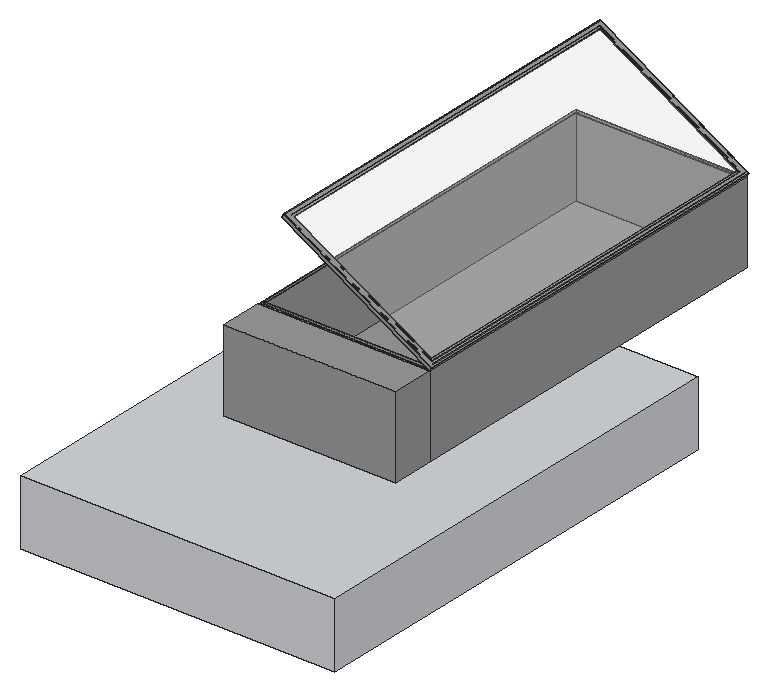
Revit family "Hager-Univers-IP55-D400-H2050-Cl.II-Steel_encl-NL-en", category Equipement électrique, Revit 2020
Family settings
  Hôte = Face
  Configuration du panneau = Deux colonnes, circuits au sein
  Cote de connecteur circulaire = Utiliser le diamètre
  Type d'élément = Tableau de raccordement
  Couper avec des vides une fois chargée = Non
  Partagée = Non
  Point de calcul de pièce = Non
Parameters (values of type "Floor installation IP55 W800 H2050 D400  - FR23U2")
  Width Control [instance] = if([EF000008 - Width] > Min Width, [EF000008 - Width], Min Width)  # 800 mm
  Commentaires du type = [HG000003 - Range]  # "Univers"
  Thickness Door [instance] = if([EF009171 - Material plate thickness door/cover] > 3 mm, 3 mm, [EF009171 - Material plate thickness door/cover])  # 1.5 mm
  Seal Frame Offset [instance] = 17 mm  # constant formula
  Plinth Visibility [instance] = [HG000027 - Plinth height] > 0 mm  # yes
  Model = ""
  Min Width [instance] = 100 mm  # constant formula
  Min Height [instance] = 100 mm  # constant formula
  Min Depth [instance] = (2 * [EF009170 - Material plate thickness cabinet]) + 1 mm  # 4 mm
  Internal Frame Depth [instance] = (Door System Depth * 0.5)  # 9 mm
  Height Control [instance] = if([EF000040 - Height] > Min Height, [EF000040 - Height], Min Height)  # 2050 mm
  HG000027 - Plinth height = 200 mm
  HG000026 - Floor standing = yes
  HG000024 - Bottom section height = 800 mm
  HG000023 - Double section enclosure = no
  HG000016 - Door 3d visibility [instance] = yes
  HG000015 - Clearance visibility [instance] = no
  HG000014 - Door on the right [instance] = yes
  HG000013 - Door on the left [instance] = not([HG000014 - Door on the right])  # no
  HG000012 - Door swing angle [instance] = 30.00°
  HG000010 - Asymmetric doors = no
  HG000009 - Double swing door = no
  HG000006 - Flush mounted = no
  HG000004 - Manufacturer reference = "FR23U2"
  HG000003 - Range = "Univers"
  HG000002 - With door or cover = yes
  Frame Offset Bottom [instance] = 10 mm  # constant formula
  Frame Offset [instance] = 15 mm  # constant formula
  EF015940 - Cover with overpressure release = no
  EF011959 - Degree of protection (NEMA) = ""
  EF009554 - Number of openings for flange plates = 6
  EF009212 - Cover model = "EV000116 - Closed"
  EF009171 - Material plate thickness door/cover = 1.5 mm
  EF009170 - Material plate thickness cabinet = 1.5 mm
  Fabricant = "Hager"  # constant formula
  EF008873 - Nominal current (In) = 800 A
  EF007800 - Suitable for lightning protection = no
  EF006306 - With lock = no
  EF006244 - Transparent cover/door = yes
  EF005474 - Degree of protection (IP) = "EV006420 - IP55"
  EF004464 - Type of door = "EV002646 - Single"
  EF004427 - Number of modules = 432
  EF004293 - Impact strength = "EV008784 - IK10"
  EF003532 - Suitable for outdoor use = no
  EF002950 - Width in number of modular spacings = 24
  EF001613 - Circuit integrity = "EV000494 - None"
  EF001596 - Material housing = "EV000179 - Steel"
  EF001131 - Internal depth = 400 mm
  EF001088 - Extension possible = yes
  EF000437 - Number of conduit inlets = 6
  EF000339 - Type of cover = "EV004216 - Door"
  EF000266 - Number of rows = 12
  EF000218 - Built-in depth = 0 mm
  EF000118 - With mounting plate = no
  EF000116 - RAL-number = "7035"
  EF000049 - Depth = 400 mm
  EF000040 - Height = 2050 mm
  EF000008 - Width = 800 mm
  EF000007 - Colour = "EV000270 - Grey"
  EF000003 - Mounting method = "EV012274 - Floor installation"
  Door System Leaf Tolerance [instance] = 1.5 mm  # constant formula
  Door System Depth [instance] = 18 mm  # constant formula
  Door Height [instance] = Height Control - [HG000027 - Plinth height]  # 1850 mm
  Depth Control [instance] = if([EF000049 - Depth] > Min Depth, [EF000049 - Depth], Min Depth)  # 400 mm
  Default Elevation = 0 mm
  Connector Offset [instance] = Height Control / 2  # 1025 mm
  Bottom Top Plate Trim [instance] = 1.5 mm  # constant formula
  Plinth height Ctrl [instance] = if([HG000027 - Plinth height] > 0 mm, [HG000027 - Plinth height], 12 mm)  # 200 mm
Types (11, lengths in mm): name | Width Control | HG000010 - Asymmetric doors | HG000009 - Double swing door | HG000004 - Manufacturer reference | EF009554 - Number of openings for flange plates | EF006244 - Transparent cover/door | EF004464 - Type of door | EF004427 - Number of modules | EF000437 - Number of conduit inlets | EF000008 - Width
  Floor installation IP55 W1050 H2050 D400  - FR24H2 | 1050 | yes | yes | "FR24H2" | 8 | no | "EV003602 - Double" | 576 | 8 | 1050
  Floor installation IP55 W1050 H2050 D400  - FR24U2 | 1050 | yes | yes | "FR24U2" | 8 | yes | "EV003602 - Double" | 576 | 8 | 1050
  Floor installation IP55 W1300 H2050 D400  - FR25H2 | 1300 | yes | yes | "FR25H2" | 10 | no | "EV003602 - Double" | 720 | 10 | 1300
  Floor installation IP55 W1300 H2050 D400  - FR25U2 | 1300 | yes | yes | "FR25U2" | 10 | yes | "EV003602 - Double" | 720 | 10 | 1300
  Floor installation IP55 W1550 H2050 D400  - FR26H2 | 1550 | yes | yes | "FR26H2" | 12 | no | "EV003602 - Double" | 864 | 12 | 1550
  Floor installation IP55 W1550 H2050 D400  - FR26U2 | 1550 | yes | yes | "FR26U2" | 12 | yes | "EV003602 - Double" | 864 | 12 | 1550
  Floor installation IP55 W300 H2050 D400  - FR21H2 | 300 | no | no | "FR21H2" | 2 | no | "EV002646 - Single" | 144 | 2 | 300
  Floor installation IP55 W550 H2050 D400  - FR22H2 | 550 | no | no | "FR22H2" | 4 | no | "EV002646 - Single" | 288 | 4 | 550
  Floor installation IP55 W550 H2050 D400  - FR22U2 | 550 | no | no | "FR22U2" | 4 | yes | "EV002646 - Single" | 288 | 4 | 550
  Floor installation IP55 W800 H2050 D400  - FR23H2 | 800 | no | no | "FR23H2" | 6 | no | "EV002646 - Single" | 432 | 6 | 800
  Floor installation IP55 W800 H2050 D400  - FR23U2 | 800 | no | no | "FR23U2" | 6 | yes | "EV002646 - Single" | 432 | 6 | 800
Reference planes
  plane 1 "Center (Front/Back)": y = 0
  plane 2: z = 0
  plane 3 "Center (Left/Right)": x = 0
  plane 4: z = 400
  plane 5: y = 201.5
  plane 6: y = 1125
  plane 7: y = 200
  plane 8: y = 2050
  plane 9: z = 0
  plane 10: x = -385
  plane 11: x = 385
  plane 12: x = 383.5
  plane 13: x = -383.5
  plane 14: y = 2048.5
  plane 15: x = -383
  plane 16: x = -400
  plane 17: x = 383
  plane 18: x = 400
  plane 19: x = 398.5
  plane 20: x = -398.5
  plane 21: y = 211.5
  plane 22: y = 2050
  plane 23: y = 2033.5
  plane 24: z = 382
  plane 25: z = 1.5
  plane 26: z = 380.5
  plane 27: z = 398.5
Forms (mm)
  Extrusion 1, solid
    sketch origin (0, 0, 0) x (1, 0, 0) y (0, 1, 0)
      loop
        line (-702.964, 1305) -> (-702.964, -811.445) -> (766.763, -811.445) -> (766.763, 1305) -> (-702.964, 1305)
    from 0 to -304.8
  Extrusion 2, solid, material "Hager_Steel_RAL7035_Light_Grey", visible <- "Plinth Visibility", detail levels medium+fine
    sketch origin (0, 0, 0) x (1, 0, 0) y (0, 1, 0)
      loop
        line (-400, 0) -> (400, 0) -> (400, 200) -> (-400, 200) -> (-400, 0)
    from 0 to 382
  Extrusion 3, solid, material "Hager_Steel_RAL7035_Light_Grey", detail levels medium+fine
    sketch origin (0, 0, 0) x (1, 0, 0) y (0, 1, 0)
      loop
        line (-400, 200) -> (400, 200) -> (400, 2050) -> (-400, 2050) -> (-400, 200)
    from 0 to 382
  Extrusion 4, void
    sketch origin (0, 0, 0) x (1, 0, 0) y (0, 1, 0)
      loop
        line (-398.5, 201.5) -> (398.5, 201.5) -> (398.5, 2048.5) -> (-398.5, 2048.5) -> (-398.5, 201.5)
    from 1.5 to 380.5
  Extrusion 5, void
    sketch origin (-381.607, -4572, 382) x (0, -1, 0) y (-1, 0, 0)
      loop
        line (-4783.5, 1.893) -> (-6605.5, 1.893) -> (-6605.5, -765.107) -> (-4783.5, -765.107) -> (-4783.5, 1.893)
    from 0 to 1.5 <- "EF009170 - Material plate thickness cabinet"
  Extrusion 6, solid, material "Hager_Steel_RAL7035_Light_Grey", detail levels fine
    sketch origin (0, 0, 382) x (1, 0, 0) y (0, 1, 0)
      loop
        line (-383.5, 2033.5) -> (-383.5, 211.5) -> (383.5, 211.5) -> (383.5, 2033.5) -> (-383.5, 2033.5)
      loop
        line (-385, 210) -> (385, 210) -> (385, 2035) -> (-385, 2035) -> (-385, 210)
    from 0 to 9 <- "Internal Frame Depth"
  Extrusion 7, solid, material "Hager_Steel_RAL7035_Light_Grey", detail levels coarse
    sketch origin (0, 0, 0) x (1, 0, 0) y (0, 1, 0)
      loop
        line (-400, 0) -> (400, 0) -> (400, 2050) -> (-400, 2050) -> (-400, 0)
    from 0 to 400
  Sweep 8, void
    path in 3D
      loop
        line (-400, 200, 0) -> (400, 200, 0) -> (400, 200, 382) -> (-400, 200, 382) -> (-400, 200, 0)
    profile origin (-400, 200, 191) x (-1, 0, 0) y (0, -1, 0)
      loop
        line (0, 0) -> (0, 1.5) -> (-1.5, 1.5)
        arc (-1.5, 1.5) -> (-1.061, 0.439) -> (0, 0) r 1.5
Cuts and joins
  Extrusion 4, Extrusion 5 cuts Extrusion 3
  Sweep 8 cuts Extrusion 2
Lines and regions (mm)
  Masking region 1
    outline origin (0, 0, 0) x (1, 0, 0) y (0, 0, 1)
      loop
        line (-400, 400) -> (-400, 0) -> (400, 0) -> (400, 400) -> (-400, 400)
  Masking region 2, detail levels medium+fine
    outline origin (0, 140, 0) x (0, 1, 0) y (0, 0, 1)
      loop
        line (60, 0) -> (1910, 0) -> (1910, 382) -> (60, 382) -> (60, 0)
  Masking region 3, not visible, detail levels medium+fine
    outline origin (0, 297.922, 0) x (0, 1, 0) y (0, 0, 1)
      loop
        line (838.578, 0) -> (878.578, 0) -> (878.578, 388.5)
        arc (878.578, 388.5) -> (875.649, 395.571) -> (868.578, 398.5) r 10
        line (868.578, 398.5) -> (838.578, 398.5) -> (838.578, 0)
  Masking region 4, detail levels coarse
    outline origin (0, 0, 180) x (0, 1, 0) y (0, 0, 1)
      loop
        line (0, -180) -> (2050, -180) -> (2050, 220) -> (0, 220) -> (0, -180)
  Masking region 5, visible <- "Plinth Visibility", detail levels medium+fine
    outline origin (0, 52.24, 12.345) x (0, 0, -1) y (0, 1, 0)
      loop
        line (10.845, 147.76) -> (-368.155, 147.76)
        arc (-368.155, 147.76) -> (-368.594, 146.699) -> (-369.655, 146.26) r 1.5
        line (-369.655, 146.26) -> (-369.655, -52.24) -> (12.345, -52.24) -> (12.345, 146.26)
        arc (12.345, 146.26) -> (11.285, 146.699) -> (10.845, 147.76) r 1.5
  Masking region 6, detail levels medium+fine
    outline origin (-381.607, -4572, 382) x (-1, 0, 0) y (0, -1, 0)
      loop
        line (18.393, -6622) -> (18.393, -4772) -> (-781.607, -4772) -> (-781.607, -6622) -> (18.393, -6622)
  Masking region 7, visible <- "Plinth Visibility", detail levels medium+fine
    outline origin (-381.607, -4727, 382) x (-1, 0, 0) y (0, -1, 0)
      loop
        arc (16.893, -4927) -> (17.332, -4925.939) -> (18.393, -4925.5) r 1.5
        line (18.393, -4925.5) -> (18.393, -4727) -> (-781.607, -4727) -> (-781.607, -4925.5)
        arc (-781.607, -4925.5) -> (-780.546, -4925.939) -> (-780.107, -4927) r 1.5
        line (-780.107, -4927) -> (16.893, -4927)
  Masking region 8, detail levels coarse
    outline origin (-442.548, -4669.526, 382) x (-1, 0, 0) y (0, -1, 0)
      loop
        line (-42.548, -6719.526) -> (-42.548, -4669.526) -> (-842.548, -4669.526) -> (-842.548, -6719.526) -> (-42.548, -6719.526)
  sketch lines
    curve 1: line (-400, 200, 382) -> (-400, 200, 0)
    curve 2: line (400, 200, 382) -> (-400, 200, 382)
    curve 3: line (400, 200, 382) -> (400, 200, 0)
    curve 4: line (-400, 200, 0) -> (400, 200, 0)
Dimensions and locks
  "Depth Control": plane 4 to Extrusion 1
  "HG000027 - Plinth height": plane 1 "Center (Front/Back)" to plane 7
  "EF009170 - Material plate thickness cabinet": plane 5 to plane 7
  locked: connector elem to plane 3 "Center (Left/Right)"
  equal spacing: plane 8, plane 6, plane 7
  locked: connector elem to plane 6
  "EF009170 - Material plate thickness cabinet": plane 8 to plane 14
  "EF009170 - Material plate thickness cabinet": plane 10 to plane 13
  "EF009170 - Material plate thickness cabinet": plane 12 to plane 11
  "Frame Offset": plane 20 to plane 13
  "Frame Offset": plane 12 to plane 19
  "EF009170 - Material plate thickness cabinet": plane 16 to plane 20
  "EF009170 - Material plate thickness cabinet": plane 19 to plane 18
  "Seal Frame Offset": plane 16 to plane 15
  "Seal Frame Offset": plane 17 to plane 18
  "Frame Offset Bottom": plane 21 to plane 5
  "Frame Offset": plane 14 to plane 23
  equal spacing: plane 16, plane 3 "Center (Left/Right)", plane 18
  "Width Control": plane 16 to plane 18
  "EF009170 - Material plate thickness cabinet": plane 4 to plane 27
  "EF009170 - Material plate thickness cabinet": plane 24 to plane 26
  "EF009170 - Material plate thickness cabinet": plane 25 to level
  "Door System Depth": plane 4 to plane 24
  "Height Control": plane 1 "Center (Front/Back)" to Extrusion 7 sketch curve
  "Height Control": Masking region 4 sketch curve to plane 1 "Center (Front/Back)"
  "Height Control": plane 1 "Center (Front/Back)" to plane 22
  "Bottom Top Plate Trim": profile plane to Sweep 8 sketch curve
  "Bottom Top Plate Trim": Sweep 8 sketch curve to profile plane
  "Plinth height Ctrl": plane 1 "Center (Front/Back)" to Extrusion 2 sketch curve
  "Plinth height Ctrl": Masking region 5 sketch curve to plane 1 "Center (Front/Back)"
  "Plinth height Ctrl": plane 1 "Center (Front/Back)" to Masking region 7 sketch curve
  "Thickness Door": Extrusion 6 sketch curve to Extrusion 6 sketch curve  (x3)
  "Thickness Door": cut or joined group of Extrusion 3, Extrusion 4, Extrusion 5 to Extrusion 6 sketch curve
  radius of Masking region 3 sketch curve = 10 mm
  "Bottom Top Plate Trim": radius of Masking region 5 sketch curve  (x2)
  "Bottom Top Plate Trim": radius of Sweep 8 sketch curve
  "Bottom Top Plate Trim": radius of Masking region 7 sketch curve  (x2)
  aligned and locked: plane 2 to Extrusion 1
  aligned and locked: level to Extrusion 1
  aligned and locked: level to Masking region 1 sketch curve
  aligned and locked: Masking region 1 sketch curve to plane 18
  aligned and locked: Masking region 1 sketch curve to plane 16
  aligned and locked: plane 7 to Masking region 2 sketch curve
  aligned and locked: level to Masking region 3 sketch curve
  aligned and locked: Masking region 3 sketch curve to plane 27
  aligned and locked: level to Masking region 2 sketch curve
  aligned and locked: plane 1 "Center (Front/Back)" to Extrusion 2 sketch curve
  aligned and locked: Extrusion 3 sketch curve to plane 7
  aligned and locked: plane 16 to Extrusion 3 sketch curve
  aligned and locked: plane 18 to Extrusion 3 sketch curve
  aligned and locked: plane 20 to Extrusion 4 sketch curve
  aligned and locked: plane 19 to Extrusion 4 sketch curve
  aligned and locked: Extrusion 4 sketch curve to plane 5
  aligned and locked: Extrusion 4 to plane 25
  aligned and locked: plane 26 to Extrusion 4
  aligned and locked: plane 24 to Extrusion 3
  aligned and locked: Extrusion 5 sketch curve to plane 21
  aligned and locked: Extrusion 5 sketch curve to plane 13
  aligned and locked: Extrusion 5 sketch curve to plane 12
  aligned and locked: plane 18 to Extrusion 7 sketch curve
  aligned and locked: plane 1 "Center (Front/Back)" to Extrusion 7 sketch curve
  aligned and locked: plane 16 to Extrusion 7 sketch curve
  aligned and locked: plane 4 to Extrusion 7
  aligned and locked: Extrusion 7 to level
  aligned and locked: level to Masking region 4 sketch curve
  aligned and locked: Masking region 4 sketch curve to plane 1 "Center (Front/Back)"
  aligned and locked: Masking region 4 sketch curve to plane 4
  aligned and locked: nested 1 to level
  aligned and locked: nested 1 to plane 16
  aligned and locked: plane 8 to Extrusion 3 sketch curve
  aligned and locked: plane 23 to Extrusion 5 sketch curve
  aligned and locked: plane 14 to Extrusion 4 sketch curve
  aligned and locked: Masking region 2 sketch curve to plane 8
  aligned and locked: level to Masking region 5 sketch curve
  aligned and locked: plane 16 to Extrusion 2 sketch curve
  aligned and locked: plane 18 to Extrusion 2 sketch curve
  aligned and locked: Masking region 5 sketch curve to plane 24
  aligned and locked: Masking region 2 sketch curve to plane 24
  aligned and locked: plane 24 to Extrusion 2
  aligned and locked: profile plane to Sweep 8 sketch curve  (x2)
  aligned and locked: Masking region 6 sketch curve to plane 18
  aligned and locked: Masking region 6 sketch curve to plane 22
  aligned and locked: Masking region 6 sketch curve to plane 16
  aligned and locked: plane 8 to plane 22
  aligned and locked: Masking region 6 sketch curve to plane 7
  aligned and locked: Masking region 7 sketch curve to plane 16
  aligned and locked: Masking region 7 sketch curve to plane 1 "Center (Front/Back)"
  aligned and locked: Masking region 7 sketch curve to plane 18
  aligned and locked: Masking region 8 sketch curve to plane 1 "Center (Front/Back)"
  aligned and locked: Masking region 8 sketch curve to plane 18
  aligned and locked: Masking region 8 sketch curve to plane 22
  aligned and locked: Masking region 8 sketch curve to plane 16
  aligned and locked: nested 2 to plane 7
  aligned and locked: plane 3 "Center (Left/Right)" to nested 2
  aligned and locked: nested 2 to plane 24
  aligned and locked: Extrusion 6 sketch curve to cut or joined group of Extrusion 3, Extrusion 4, Extrusion 5  (x4)
Automatic sketch dimensions
  Extrusion 1 sketch curve to Extrusion 1 sketch curve = 1469.727 mm
  Extrusion 1 sketch curve to Extrusion 1 sketch curve = 2116.445 mm
  Masking region 1 sketch curve to plane 4 = 0 mm
  plane 6 to Masking region 3 sketch curve = 11.5 mm
  Masking region 3 sketch curve to Masking region 3 sketch curve = 30 mm
  Masking region 5 sketch curve to plane 1 "Center (Front/Back)" = 0 mm
Nested families
  nested 1: "Hager_Enclosure_Symbol" at (-400, 0, 0) x (1, 0, 0) z (0, -1, 0), Height <- "Depth Control", Width <- "Width Control", type "Hager_Enclosure_Symbol"
    with Width_Ctrl 800 mm, Width 800 mm, Height_Ctrl 400 mm, Height 400 mm, A_Width_Int 26.25 mm, A_Width 315 mm, A_Height_Ctrl 350 mm, A_Height 350 mm
  nested 2: "EC000058_Univers_Door" at (0, 200, 382) x (1, 0, 0) z (0, 1, 0), Leaf_Tolerance <- "Door System Leaf Tolerance", Angle <- "HG000012 - Door swing angle", Door_Depth <- "Door System Depth", Door_Left <- "HG000013 - Door on the left", Transparent <- "EF006244 - Transparent cover/door", Assymetrical <- "HG000010 - Asymmetric doors", Width <- "Width Control", Clearance <- "HG000015 - Clearance visibility", Double <- "HG000009 - Double swing door", 3d_Door <- "HG000016 - Door 3d visibility", Lock_Visibility <- "EF006306 - With lock", Width_Ctrl <- "Width Control", Door_Right <- "HG000014 - Door on the right", Door <- "HG000002 - With door or cover", Height <- "Door Height", Thickness <- "Thickness Door", type "EC000058_Univers_Door", detail levels medium+fine
    with min_wh 4 mm, Width_Ctrl 800 mm, Width 800 mm, Transparent yes, Thickness 1.5 mm, Seal_Material Hager_Rubber, Lock_Visibility no, Lock_Material Hager_Plastic_RAL9005_Jet_Black, Leaf_Width 800 mm, Leaf_Tolerance_External_Sides 0 mm, Leaf_Tolerance 1.5 mm, Leaf_Offset 0 mm, Leaf_Height 1847 mm, Leaf_2_Width 800 mm, Leaf_2_Offset 400 mm, Leaf_1_Width 800 mm, Leaf_1_Offset 400 mm, Height_Ctrl 1850 mm, Height 1850 mm, Glass_Material Hager_Glass, Double_Clearance_Ctrl no, Double no, Door_Right_Ctrl yes, Door_Right yes, Door_Material Hager_Steel_RAL7035_Light_Grey, Door_Left_Ctrl no, Door_Left no, Door_Depth 18 mm, Door yes, Clearance_Material Hager_Clearance, Clearance_Depth 800 mm, Clearance_Ctrl no, Clearance no, Assymetrical no, Angle 30.00°, 3d_Door yes
Connectors
  electrical at (0, 1125, 0)
    settings: on plane 9, index 1, voltage 0 V, apparent load 0 VA, apparent load phase1 0 VA, apparent load phase2 0 VA, apparent load phase3 0 VA, power factor 1, load classification "Other", number of poles 1, system type 30, power factor state 1, is connector primary yes, connector utility no, sub classification motor no, connector description ""
Definition of nested family "EC000058_Univers_Door"
  Parameters (values of type "EC000058_Univers_Door")
    min_wh [instance] = (2 * Thickness) + 1 mm  # 11 mm
    Width_Ctrl [instance] = 400 mm
    Width [instance] = 500 mm
    Transparent [instance] = yes
    Thickness [instance] = 5 mm
    Seal_Material [instance] = none
    Lock_Visibility [instance] = yes
    Lock_Material [instance] = none
    Leaf_Width [instance] = if((Width_Ctrl - 2 * Leaf_Tolerance_External_Sides) > 0 mm, (Width_Ctrl - 2 * Leaf_Tolerance_External_Sides), min_wh)  # 400 mm
    Leaf_Tolerance_External_Sides [instance] = 0 mm  # constant formula
    Leaf_Tolerance [instance] = 1.5 mm
    Leaf_Offset [instance] = 0 mm  # constant formula
    Leaf_Height [instance] = if((Height_Ctrl - 2 * Leaf_Tolerance) > 0 mm, (Height_Ctrl - 2 * Leaf_Tolerance), min_wh)  # 497 mm
    Leaf_2_Width [instance] = if(and(and(Double, Assymetrical), Door_Left), (Leaf_Width / 3) - (Leaf_Tolerance / 2), if(and(and(Double, Assymetrical), Door_Right), (Leaf_Width / 3) * 2 - (Leaf_Tolerance / 2), if(and(Double, not(Assymetrical)), (Leaf_Width / 2) - Leaf_Tolerance, Leaf_Width)))  # 400 mm
    Leaf_2_Offset [instance] = if(and(Double, Assymetrical), Leaf_2_Width / 2, if(and(Double, not(Assymetrical)), Leaf_Width / 4, Leaf_Width / 2))  # 200 mm
    Leaf_1_Width [instance] = if(and(and(Double, Assymetrical), Door_Right), (Leaf_Width / 3) - (Leaf_Tolerance / 2), if(and(and(Double, Assymetrical), Door_Left), (Width / 3) * 2 - (Leaf_Tolerance / 2), if(and(Double, not(Assymetrical)), (Leaf_Width / 2) - Leaf_Tolerance, Leaf_Width)))  # 400 mm
    Leaf_1_Offset [instance] = if(and(Double, Assymetrical), Leaf_1_Width / 2, if(and(Double, not(Assymetrical)), Leaf_Width / 4, Leaf_Width / 2))  # 200 mm
    Height_Ctrl [instance] = if(Height > min_wh, Height, min_wh)  # 500 mm
    Height [instance] = 500 mm
    Glass_Material [instance] = none
    Double_Clearance_Ctrl [instance] = and(Double, Clearance)  # no
    Double [instance] = no
    Door_Right_Ctrl [instance] = and(or(Door_Right, Double), Door)  # yes
    Door_Right [instance] = yes
    Door_Material [instance] = none
    Door_Left_Ctrl [instance] = and(or(Door_Left, Double), Door)  # no
    Door_Left [instance] = no
    Door_Depth [instance] = 30 mm
    Door [instance] = yes
    Default Elevation = 1219.2 mm
    Clearance_Material [instance] = none
    Clearance_Depth [instance] = if(Leaf_1_Width > Leaf_2_Width, Leaf_1_Width, Leaf_2_Width)  # 400 mm
    Clearance_Ctrl [instance] = and(not(Double), Clearance)  # yes
    Clearance [instance] = yes
    Assymetrical [instance] = yes
    Angle [instance] = 30.00°
    3d_Door [instance] = yes
  Reference planes
    plane 1 "Center (Front/Back)": y = 0
    plane 2 "Bottom": z = 0
    plane 3 "Center (Left/Right)": x = 0
    plane 4: z = 500
    plane 5: x = -200
    plane 6: x = 200
    plane 7: z = 500
    plane 8: x = -200
    plane 9: z = 0
    plane 10: x = 200
    plane 11: y = 0
    plane 12: z = 1.5
    plane 13: x = -600
    plane 14: y = -400
    plane 15: x = 600
    plane 16: x = 0
    plane 17: x = 0
    plane 18: x = -200
    plane 19: x = 200
    plane 20: z = 498.5
  Forms (mm)
    Extrusion 1, solid, material <- "Clearance_Material", visible <- "Double_Clearance_Ctrl"
      sketch origin (1200, 0, 0) x (1, 0, 0) y (0, 0, -1)
        loop
          line (-1800, -498.5) -> (-600, -498.5) -> (-600, 0) -> (-1800, 0) -> (-1800, -498.5)
      from 0 to -400
  Dimensions and locks
    equal spacing: plane 5, plane 3 "Center (Left/Right)", plane 6
    "Width_Ctrl": plane 5 to plane 6
    "Leaf_Offset": plane 5 to plane 8
    "Leaf_Offset": plane 6 to plane 10
    "Leaf_Offset": plane 9 to level
    "Leaf_Offset": plane 4 to plane 7
    "Height_Ctrl": plane 4 to level
    "Leaf_Tolerance": plane 12 to plane 9
    locked: plane 11 to plane 1 "Center (Front/Back)"
    "Leaf_1_Offset": plane 18 to plane 16
    "Leaf_2_Offset": plane 17 to plane 19
    "Leaf_1_Width": plane 13 to plane 8
    "Leaf_2_Width": plane 10 to plane 15
    "Clearance_Depth": plane 14 to plane 1 "Center (Front/Back)"
    "Leaf_Tolerance_External_Sides": plane 8 to plane 18
    "Leaf_Tolerance_External_Sides": plane 19 to plane 10
    "Leaf_Tolerance": plane 7 to plane 20
    aligned and locked: level to plane 2 "Bottom"
    aligned and locked: nested 1 to plane 16
    aligned and locked: nested 2 to plane 17
    aligned and locked: Extrusion 1 to plane 13
    aligned and locked: plane 15 to Extrusion 1
    aligned and locked: Extrusion 1 to plane 14
    aligned and locked: plane 12 to nested 1
    aligned and locked: nested 2 to plane 12
    aligned and locked: Extrusion 1 to plane 11
    aligned and locked: plane 20 to Extrusion 1
    aligned and locked: nested 2 to plane 11
    aligned and locked: nested 1 to plane 11
  Automatic sketch dimensions
    Extrusion 1 sketch curve to level = 0 mm
    plane 5 to Extrusion 1 sketch curve = 400 mm
    plane 6 to Extrusion 1 sketch curve = 400 mm
    Extrusion 1 sketch curve to plane 4 = 1.5 mm
  Nested families
    nested 1: "EC000058_Univers_Door_Leaf" at (0, 0, 1.5), Width <- "Leaf_1_Width", visible <- "Door_Left_Ctrl", Leaf_Height <- "Leaf_Height", Angle <- "Angle", 3d_Door <- "3d_Door", Transparent <- "Transparent", Clearance Material <- "Clearance_Material", Clearance <- "Clearance_Ctrl", Door_Material <- "Door_Material", Glass_Material <- "Glass_Material", Door_Depth <- "Door_Depth", Lock_Material <- "Lock_Material", Seal_Material <- "Seal_Material", Lock_Visibility <- "Lock_Visibility", Thickness <- "Thickness", type "EC000058_Univers_Door_Leaf"
      with Width 400 mm, Transparent_Glass_Offset 30 mm, Transparent_Ctrl yes, Transparent yes, Thickness 5 mm, Standard no, Seal_Material none, Seal_D2 8 mm, Seal_D1 1 mm, Offset_Internal_Frame 10 mm, Lock_Width 20 mm, Lock_Visibility_3d yes, Lock_Visibility yes, Lock_Thickness_3 3 mm, Lock_Thickness_2 1 mm, Lock_Thickness_1 3 mm, Lock_Radius_Offset_2 16 mm, Lock_Radius_Offset_1 15 mm, Lock_Radius_2 5 mm, Lock_Radius 6 mm, Lock_Offset 5 mm, Lock_Material none, Lock_Height 80 mm, Lock_Cover_Top_Offset_2d 17 mm, Lock_Cover_Height -65 mm, Leaf_Height 497 mm, Internal_Seal_Thickness 8 mm, Internal_Seal_Depth_2 4.5 mm, Internal_Frame_Depth 25 mm, Glass_Thickness -1 mm, Glass_Offset -2 mm, Glass_Material none, Door_Material none, Door_Depth 30 mm, Clearance Material none, Clearance yes, Angle_Ctrl 30.00°, Angle 30.00°, 3d_Door yes
    nested 2: "EC000058_Univers_Door_Leaf" at (0, 0, 1.5) x (-1, 0, 0) z (0, 0, 1), Width <- "Leaf_2_Width", visible <- "Door_Right_Ctrl", Leaf_Height <- "Leaf_Height", Angle <- "Angle", 3d_Door <- "3d_Door", Transparent <- "Transparent", Clearance Material <- "Clearance_Material", Clearance <- "Clearance_Ctrl", Door_Material <- "Door_Material", Glass_Material <- "Glass_Material", Door_Depth <- "Door_Depth", Lock_Material <- "Lock_Material", Seal_Material <- "Seal_Material", Lock_Visibility <- "Lock_Visibility", Thickness <- "Thickness", type "EC000058_Univers_Door_Leaf"
      with Width 400 mm, Transparent_Glass_Offset 30 mm, Transparent_Ctrl yes, Transparent yes, Thickness 5 mm, Standard no, Seal_Material none, Seal_D2 8 mm, Seal_D1 1 mm, Offset_Internal_Frame 10 mm, Lock_Width 20 mm, Lock_Visibility_3d yes, Lock_Visibility yes, Lock_Thickness_3 3 mm, Lock_Thickness_2 1 mm, Lock_Thickness_1 3 mm, Lock_Radius_Offset_2 16 mm, Lock_Radius_Offset_1 15 mm, Lock_Radius_2 5 mm, Lock_Radius 6 mm, Lock_Offset 5 mm, Lock_Material none, Lock_Height 80 mm, Lock_Cover_Top_Offset_2d 17 mm, Lock_Cover_Height -65 mm, Leaf_Height 497 mm, Internal_Seal_Thickness 8 mm, Internal_Seal_Depth_2 4.5 mm, Internal_Frame_Depth 25 mm, Glass_Thickness -1 mm, Glass_Offset -2 mm, Glass_Material none, Door_Material none, Door_Depth 30 mm, Clearance Material none, Clearance yes, Angle_Ctrl 30.00°, Angle 30.00°, 3d_Door yes
  Definition of nested family "EC000058_Univers_Door_Leaf"
    Parameters (values of type "EC000058_Univers_Door_Leaf")
      Width [instance] = 2000 mm
      Transparent_Glass_Offset [instance] = 30 mm
      Transparent_Ctrl [instance] = and(Transparent, [3d_Door])  # yes
      Transparent [instance] = yes
      Thickness [instance] = 5 mm
      Standard [instance] = and(not(Transparent), [3d_Door])  # no
      Seal_Material [instance] = none
      Seal_D2 [instance] = 8 mm  # constant formula
      Seal_D1 [instance] = 1 mm  # constant formula
      Offset_Internal_Frame [instance] = 10 mm  # constant formula
      Lock_Width [instance] = 20 mm  # constant formula
      Lock_Visibility_3d [instance] = and(Lock_Visibility, [3d_Door])  # yes
      Lock_Visibility [instance] = yes
      Lock_Thickness_3 [instance] = 3 mm  # constant formula
      Lock_Thickness_2 [instance] = 1 mm  # constant formula
      Lock_Thickness_1 [instance] = 3 mm  # constant formula
      Lock_Radius_Offset_2 [instance] = Lock_Radius_Offset_1 + 1 mm  # 16 mm
      Lock_Radius_Offset_1 [instance] = 15 mm  # constant formula
      Lock_Radius_2 [instance] = Lock_Radius - 1 mm  # 5 mm
      Lock_Radius [instance] = 6 mm  # constant formula
      Lock_Offset [instance] = 5 mm  # constant formula
      Lock_Material [instance] = none
      Lock_Height [instance] = 80 mm  # constant formula
      Lock_Cover_Top_Offset_2d [instance] = Lock_Radius_Offset_2 + 1 mm  # 17 mm
      Lock_Cover_Height [instance] = -(Lock_Height - Lock_Radius_Offset_1)  # -65 mm
      Leaf_Height [instance] = 2720.336 mm
      Internal_Seal_Thickness [instance] = 8 mm  # constant formula
      Internal_Seal_Depth_2 [instance] = 4.5 mm  # constant formula
      Internal_Frame_Depth [instance] = if(Door_Depth - Thickness > 5 mm, Door_Depth - Thickness, 5 mm)  # 25 mm
      Glass_Thickness [instance] = if(Thickness > 15 mm, Glass_Offset + 10 mm, -1 mm)  # -1 mm
      Glass_Offset [instance] = if(Thickness > 15 mm, -(Thickness + 10 mm) / 2, -2 mm)  # -2 mm
      Glass_Material [instance] = none
      Door_Material [instance] = none
      Door_Depth [instance] = 30 mm
      Default Elevation = 0 mm
      Clearance Material [instance] = none
      Clearance [instance] = yes
      Angle_Ctrl [instance] = if(Angle > 180.00°, 180.00°, Angle)  # 90.00°
      Angle [instance] = 90.00°
      3d_Door [instance] = yes
    Reference planes
      plane 1 "Center (Front/Back)": y = 0
      plane 2: z = 0
      plane 3 "Center (Left/Right)": x = 0
      plane 4: y = 2000
      plane 5: x = -1000
      plane 6: x = 1000
      plane 7: x = -3000
      plane 8: z = 2720.336
      plane 9: z = 30
      plane 10: z = 2690.336
      plane 11: x = 970
      plane 12: x = -970
      plane 13: y = -3
      plane 14: z = 107.833
      plane 15: y = -5
      plane 16: y = -223.314
      plane 17: x = -1000
      plane 18: z = 1360.168
      plane 19: y = 30
    Forms (mm)
      Extrusion 1, solid, material <- "Clearance Material", visible <- "Clearance"
        sketch origin (0, 0, 0) x (1, 0, 0) y (0, 0, 1)
          loop
            line (-3000, 2720.336) -> (-3000, 0) -> (1000, 0) -> (1000, 2720.336) -> (-3000, 2720.336)
        from 0 to -2000
      Extrusion 2, solid, material <- "Door_Material", visible <- "Standard", detail levels medium+fine
        sketch origin (-1000, 0, 0) x (0, 1, 0) y (-1, 0, 0)
          loop
            line (0, 30) -> (0, 25) -> (2000, 25) -> (2000, 30) -> (0, 30)
        from 0 to 2720.336 <- "Leaf_Height"
      Extrusion 3, solid, material <- "Door_Material", visible <- "Transparent_Ctrl", detail levels medium+fine
        sketch origin (-1000, 0, 0) x (0, 1, 0) y (-1, 0, 0)
          loop
            line (0, 25) -> (2000, 25) -> (2000, 30) -> (0, 30) -> (0, 25)
        from 0 to 2720.336 <- "Leaf_Height"
      Extrusion 4, void
        sketch origin (-1025, 2000, 0) x (0, 1, 0) y (0, 0, -1)
          loop
            line (-30, -2690.336) -> (-30, -30) -> (-1970, -30) -> (-1970, -2690.336) -> (-30, -2690.336)
        from 0 to 5 <- "Thickness"
      Sweep 5, solid, material <- "Seal_Material", visible <- "Transparent_Ctrl", detail levels fine
        path in 3D
          loop
            line (-1025, 30, 30) -> (-1025, 30, 2690.336) -> (-1025, 1970, 2690.336) -> (-1025, 1970, 30) -> (-1025, 30, 30)
        profile origin (-1025, 1000, 30) x (1, 0, 0) y (0, 0, 1)
          loop
            line (0, 0) -> (0, -8) -> (1, -8) -> (1, 0) -> (0, 0)
      Extrusion 6, solid, material <- "Glass_Material", visible <- "Transparent_Ctrl", detail levels medium+fine
        sketch origin (-1030, 0, 0) x (0, 1, 0) y (0, 0, -1)
          loop
            line (1970, -2690.336) -> (1970, -30) -> (30, -30) -> (30, -2690.336) -> (1970, -2690.336)
        from -2 <- "Glass_Offset" to -1 <- "Glass_Thickness"
      Extrusion 7, solid, material <- "Door_Material", visible <- "3d_Door", detail levels medium+fine
        sketch origin (-1025, 2000, 0) x (0, -1, 0) y (0, 0, -1)
          loop
            line (0, -2720.336) -> (2000, -2720.336) -> (2000, 0) -> (0, 0) -> (0, -2720.336)
          loop
            line (1995, -5) -> (5, -5) -> (5, -2715.336) -> (1995, -2715.336) -> (1995, -5)
        from 0 to 25 <- "Internal_Frame_Depth"
      Sweep 8, solid, material <- "Seal_Material", visible <- "Transparent_Ctrl", detail levels fine
        path in 3D
          loop
            line (-1025, 0, 0) -> (-1025, 2000, 0) -> (-1025, 2000, 2720.336) -> (-1025, 0, 2720.336) -> (-1025, 0, 0)
        profile origin (-1025, 0, 1360.168) x (1, 0, 0) y (0, 1, 0)
          loop
            line (0, 10) -> (2.975, 10)
            arc (2.975, 10) -> (4.053, 10.447) -> (4.5, 11.525) r 1.525
            line (4.5, 11.525) -> (4.5, 16.527)
            arc (4.5, 16.527) -> (4.069, 17.569) -> (3.027, 18) r 1.473
            line (3.027, 18) -> (0, 18) -> (0, 10)
      Extrusion 9, solid, material <- "Lock_Material", visible <- "Lock_Visibility_3d", detail levels fine
        sketch origin (-1030, 0, 0) x (0, 1, 0) y (0, 0, -1)
          loop
            arc (1993.5, -1400.168) -> (1994.561, -1399.729) -> (1995, -1398.668) r 1.5
            line (1995, -1398.668) -> (1995, -1320.168) -> (1975, -1320.168) -> (1975, -1398.668)
            arc (1975, -1398.668) -> (1975.439, -1399.729) -> (1976.5, -1400.168) r 1.5
            line (1976.5, -1400.168) -> (1993.5, -1400.168)
        from 3 <- "Lock_Thickness_1" to 0
      Blend 10, solid, material <- "Lock_Material", visible <- "Lock_Visibility_3d", detail levels fine
        base sketch origin (-1033, 0, 0) x (0, 1, 0) y (0, 0, -1)
          loop
            line (1975, -1320.168) -> (1975, -1398.668)
            arc (1975, -1398.668) -> (1975.439, -1399.729) -> (1976.5, -1400.168) r 1.5
            line (1976.5, -1400.168) -> (1993.5, -1400.168)
            arc (1993.5, -1400.168) -> (1994.561, -1399.729) -> (1995, -1398.668) r 1.5
            line (1995, -1398.668) -> (1995, -1320.168) -> (1975, -1320.168)
        top sketch origin (-1033, 0, 0) x (0, 1, 0) y (0, 0, -1)
          loop
            line (1976, -1320.168) -> (1976, -1398.668)
            arc (1976, -1398.668) -> (1976.146, -1399.022) -> (1976.5, -1399.168) r 0.5
            line (1976.5, -1399.168) -> (1993.5, -1399.168)
            arc (1993.5, -1399.168) -> (1993.854, -1399.022) -> (1994, -1398.668) r 0.5
            line (1994, -1398.668) -> (1994, -1320.168) -> (1976, -1320.168)
        from 0 to 1 <- "Lock_Thickness_2"
      Blend 11, solid, material <- "Lock_Material", visible <- "Lock_Visibility_3d", detail levels fine
        base sketch origin (-1034, 0, 0) x (0, 1, 0) y (0, 0, -1)
          loop
            line (1978, -1320.168) -> (1978, -1384.168)
            arc (1978, -1384.168) -> (1985, -1391.168) -> (1992, -1384.168) r 7
            line (1992, -1384.168) -> (1992, -1320.168) -> (1978, -1320.168)
        top sketch origin (-1034, 0, 0) x (0, 1, 0) y (0, 0, -1)
          loop
            line (1991, -1320.168) -> (1979, -1320.168) -> (1979, -1383.168)
            arc (1979, -1383.168) -> (1985, -1389.168) -> (1991, -1383.168) r 6
            line (1991, -1383.168) -> (1991, -1320.168)
        from 0 to 3 <- "Lock_Thickness_3"
      Extrusion 12, solid, material <- "Lock_Material", visible <- "Lock_Visibility_3d", detail levels fine
        sketch origin (-1030, 1975, 1320.168) x (1, 0, 0) y (0, -1, 0)
          loop
            line (-7, -19) -> (-7, -1) -> (0, -1) -> (0, 0) -> (-8, 0) -> (-8, -20) -> (0, -20) -> (0, -19) -> (-7, -19)
        from 0 to -65 <- "Lock_Cover_Height"
      Extrusion 13, void
        sketch origin (-1038, 1995, 1320.168) x (-1, 0, 0) y (0, 0, -1)
          loop
            line (-5, -65) -> (0, -65) -> (-5, -60) -> (-5, -65)
        from 0 to 20 <- "Lock_Width"
      Extrusion 14, void
        sketch origin (-1038, 1975, 1320.168) x (0, -1, 0) y (0, 0, -1)
          loop
            circle (-10, -15.995) r 6
          loop
            circle (-10, -15.995) r 5
        from 0 to 2
      Extrusion 15, solid, material <- "Lock_Material", visible <- "Lock_Visibility_3d", detail levels medium
        sketch origin (-1030, 0, 0) x (0, 1, 0) y (0, 0, -1)
          loop
            arc (1993.5, -1400.168) -> (1994.561, -1399.729) -> (1995, -1398.668) r 1.5
            line (1995, -1398.668) -> (1995, -1320.168) -> (1975, -1320.168) -> (1975, -1398.668)
            arc (1975, -1398.668) -> (1975.439, -1399.729) -> (1976.5, -1400.168) r 1.5
            line (1976.5, -1400.168) -> (1993.5, -1400.168)
        from 8 to 0
    Cuts and joins
      Extrusion 4 cuts Extrusion 3
      Extrusion 13, Extrusion 14 cuts Extrusion 9
      Extrusion 14 cuts Blend 11
      Extrusion 13, Extrusion 14 cuts Extrusion 12
      joined: Extrusion 9, Blend 10, Blend 11, Extrusion 12
      Extrusion 14 cuts Extrusion 15
    Lines and regions (mm)
      Masking region 1, visible <- "Lock_Visibility", detail levels fine
        outline origin (0, 0, 0) x (0, 1, 0) y (0, 0, 1)
          loop
            line (30, 1320.168) -> (33, 1320.168) -> (33, 1400.168) -> (30, 1400.168) -> (30, 1320.168)
      Masking region 2, visible <- "Lock_Visibility", detail levels fine
        outline origin (0, 3.143, 0) x (0, 1, 0) y (0, 0, 1)
          loop
            line (29.857, 1354.168) -> (30.857, 1354.168) -> (30.857, 1366.168) -> (29.857, 1366.168) -> (29.857, 1354.168)
      Masking region 3, detail levels medium+fine
        outline origin (0, 0, 0) x (0, 1, 0) y (0, 0, 1)
          loop
            line (0, 0) -> (30, 0) -> (30, 2720.336) -> (0, 2720.336) -> (0, 0)
      Masking region 4, detail levels medium+fine
        outline origin (0, 0, 0) x (1, 0, 0) y (0, 0, 1)
          loop
            line (-1000, 2720.336) -> (-1000, 0) -> (1000, 0) -> (1000, 2720.336) -> (-1000, 2720.336)
      Masking region 5, visible <- "Lock_Visibility", detail levels fine
        outline origin (-47.116, 0, 0) x (1, 0, 0) y (0, 0, 1)
          loop
            arc (1024.616, 1399.168) -> (1023.556, 1398.729) -> (1023.116, 1397.668) r 1.5
            line (1023.116, 1397.668) -> (1023.116, 1320.168) -> (1041.116, 1320.168) -> (1041.116, 1397.668)
            arc (1041.116, 1397.668) -> (1040.677, 1398.729) -> (1039.616, 1399.168) r 1.5
            line (1039.616, 1399.168) -> (1024.616, 1399.168)
      Masking region 6, visible <- "Lock_Visibility", detail levels medium+fine
        outline origin (-25, 0, 0) x (1, 0, 0) y (0, 0, 1)
          loop
            arc (1001.5, 1400.168) -> (1000.439, 1399.729) -> (1000, 1398.668) r 1.5
            line (1000, 1398.668) -> (1000, 1320.168) -> (1020, 1320.168) -> (1020, 1398.668)
            arc (1020, 1398.668) -> (1019.561, 1399.729) -> (1018.5, 1400.168) r 1.5
            line (1018.5, 1400.168) -> (1001.5, 1400.168)
      Masking region 7, visible <- "Lock_Visibility", detail levels fine
        outline origin (-73.735, 0, 0) x (1, 0, 0) y (0, 0, 1)
          loop
            line (1051.735, 1382.168) -> (1065.735, 1382.168) -> (1065.735, 1384.168)
            arc (1065.735, 1384.168) -> (1058.735, 1391.168) -> (1051.735, 1384.168) r 7
            line (1051.735, 1384.168) -> (1051.735, 1382.168)
      Masking region 8, visible <- "Lock_Visibility", detail levels fine
        outline origin (-73.735, 0, 0) x (1, 0, 0) y (0, 0, 1)
          loop
            line (1052.735, 1382.168) -> (1064.735, 1382.168) -> (1064.735, 1383.168)
            arc (1064.735, 1383.168) -> (1058.735, 1389.168) -> (1052.735, 1383.168) r 6
            line (1052.735, 1383.168) -> (1052.735, 1382.168)
      Masking region 9, visible <- "Lock_Visibility", detail levels fine
        outline origin (-25, 0, 0) x (1, 0, 0) y (0, 0, 1)
          loop
            line (1020, 1320.168) -> (1020, 1382.168) -> (1000, 1382.168) -> (1000, 1320.168) -> (1020, 1320.168)
      Masking region 10, detail levels medium+fine
        outline origin (0, 0, 0) x (1, 0, 0) y (0, 0, 1)
          loop
            circle (985, 1335.144) r 6
      Masking region 11, detail levels fine
        outline origin (0, 0, 0) x (1, 0, 0) y (0, 0, 1)
          loop
            circle (985, 1335.144) r 5
      Masking region 12, visible <- "Lock_Visibility", detail levels fine
        outline origin (0, 12.767, 0) x (0, 1, 0) y (0, 0, 1)
          loop
            line (20.233, 1320.168) -> (21.233, 1320.168) -> (21.233, 1399.168) -> (20.233, 1400.168) -> (20.233, 1320.168)
      Masking region 13, visible <- "Lock_Visibility", detail levels fine
        outline origin (0, 13.767, -10) x (0, 1, 0) y (0, 0, 1)
          loop
            line (20.233, 1330.168) -> (23.233, 1330.168) -> (23.233, 1399.168) -> (20.233, 1402.168) -> (20.233, 1330.168)
      Masking region 14, visible <- "Lock_Visibility", detail levels fine
        outline origin (0, 12.767, -10) x (0, 1, 0) y (0, 0, 1)
          loop
            line (20.233, 1330.168) -> (25.233, 1330.168) -> (25.233, 1399.305) -> (20.233, 1394.305) -> (20.233, 1330.168)
      Masking region 15, visible <- "Lock_Visibility", detail levels medium
        outline origin (0, 0, 0) x (0, 1, 0) y (0, 0, 1)
          loop
            line (30, 1320.168) -> (38, 1320.168) -> (38, 1400.168) -> (30, 1400.168) -> (30, 1320.168)
      Masking region 16, visible <- "Lock_Visibility", detail levels fine
        outline origin (-1000, 0, 0) x (0, 1, 0) y (-1, 0, 0)
          loop
            line (1975, 30) -> (1995, 30) -> (1995, 38) -> (1975, 38) -> (1975, 30)
          loop
            line (1979, 37) -> (1976, 37) -> (1976, 34) -> (1978, 34) -> (1979, 37)
          loop
            line (1994, 37) -> (1991, 37) -> (1992, 34) -> (1994, 34) -> (1994, 37)
      Masking region 17, visible <- "Lock_Visibility", detail levels medium
        outline origin (-1000, 0, 0) x (0, 1, 0) y (-1, 0, 0)
          loop
            line (1975, 30) -> (1995, 30) -> (1995, 38) -> (1975, 38) -> (1975, 30)
      symbolic lines
        curve 1: line (1000, 0, 0) -> (-3000, 0, 0)
        curve 2: arc (1000, 0, 0) -> (-1000, 2000, 0) -> (-3000, 0, 0) r 2000
        curve 4: line (-1030, 0, 0) -> (-1030, 2000, 0)
      reference lines
        curve 3: line (-1000, 0, 0) -> (-1000, 2000, 0)
      symbolic lines, detail levels medium+fine
        curve 5: line (-1030, 2000, 0) -> (-1025, 2000, 0)
        curve 7: line (-1025, 0, 0) -> (-1030, 0, 0)
        curve 8: line (-1025, 0, 0) -> (-1000, 0, 0)
        curve 9: line (-1000, 0, 0) -> (-1000, 2000, 0)
        curve 10: line (-1000, 2000, 0) -> (-1025, 2000, 0)
      symbolic lines, detail levels fine
        curve 6: line (-1025, 2000, 0) -> (-1025, 0, 0)
      sketch lines
        curve 11: line (-1025, 0, 2720.336) -> (-1025, 0, 0)
        curve 12: line (-1025, 2000, 0) -> (-1025, 0, 0)
        curve 13: line (-1025, 2000, 2720.336) -> (-1025, 2000, 0)
        curve 14: line (-1025, 0, 2720.336) -> (-1025, 2000, 2720.336)
        curve 15: line (-1025, 1970, 30) -> (-1025, 30, 30)
        curve 16: line (-1025, 30, 30) -> (-1025, 30, 2690.336)
        curve 17: line (-1025, 1970, 2690.336) -> (-1025, 1970, 30)
        curve 18: line (-1025, 30, 2690.336) -> (-1025, 1970, 2690.336)
      symbolic lines, visible <- "Transparent", detail levels medium+fine
        curve 19: line (-970, 0, 2690.336) -> (970, 0, 2690.336)
        curve 20: line (-970, 0, 30) -> (-970, 0, 2690.336)
        curve 21: line (970, 0, 30) -> (-970, 0, 30)
        curve 22: line (970, 0, 2690.336) -> (970, 0, 30)
    Dimensions and locks
      "Width": plane 1 "Center (Front/Back)" to plane 4
      equal spacing: plane 5, plane 3 "Center (Left/Right)", plane 6
      "Width": plane 5 to plane 6
      "Width": plane 7 to plane 5
      "Leaf_Height": plane 8 to level
      "Width": curve 5 to curve 3
      "Width": curve 3 to curve 3
      plane 8 to plane 10 = 30 mm
      plane 9 to level = 30 mm
      plane 12 to plane 5 = 30 mm
      plane 6 to plane 11 = 30 mm
      Extrusion 1 to Extrusion 4 sketch curve = 30 mm
      "Transparent_Glass_Offset": curve 3 to Extrusion 4 sketch curve
      "Transparent_Glass_Offset": Extrusion 4 sketch curve to cut or joined group of Extrusion 3, Extrusion 4  (x2)
      cut or joined group of Extrusion 3, Extrusion 4 to Extrusion 6 sketch curve = 30 mm
      "Transparent_Glass_Offset": cut or joined group of Extrusion 3, Extrusion 4 to Extrusion 4 sketch curve
      "Thickness": curve 6 to curve 4
      "Thickness": Extrusion 7 sketch curve to Extrusion 7 sketch curve  (x4)
      "Door_Depth": curve 4 to curve 3
      "Offset_Internal_Frame": profile plane to Sweep 8 sketch curve
      "Internal_Seal_Thickness": Sweep 8 sketch curve to Sweep 8 sketch curve
      "Internal_Seal_Depth_2": profile plane to Sweep 8 sketch curve
      "Seal_D1": profile plane to Sweep 5 sketch curve
      "Seal_D2": profile plane to Sweep 5 sketch curve
      "Thickness": Extrusion 2 sketch curve to Extrusion 2 sketch curve
      equal spacing: Extrusion 9 sketch curve, plane 18, Extrusion 9 sketch curve  (x2)
      equal spacing: Masking region 1 sketch curve, plane 18, Masking region 1 sketch curve
      "Lock_Height": Masking region 1 sketch curve to Masking region 1 sketch curve
      "Lock_Radius": Masking region 2 sketch curve to plane 18 to Masking region 2 sketch curve
      Masking region 2 sketch curve to Masking region 1 = 1 mm
      "Door_Depth": plane 19 to plane 1 "Center (Front/Back)"
      "Lock_Thickness_1": Masking region 1 sketch curve to plane 19
      "Lock_Width": Extrusion 9 sketch curve to Extrusion 9 sketch curve
      "Lock_Height": Extrusion 9 sketch curve to Extrusion 9 sketch curve
      "Lock_Offset": cut or joined group of Extrusion 3, Extrusion 4 to Extrusion 9 sketch curve
      equal spacing: plane 8, plane 18, level
      "Lock_Radius_Offset_1": Blend 11 sketch curve to Blend 10
      locked: Blend 10 to Blend 11 sketch curve at 2  (x2)
      locked: var sketch to Blend 11 sketch curve at 1  (x2)
      "Lock_Radius_Offset_2": Blend 11 sketch curve to Blend 10
      locked: Extrusion 12 sketch curve to Extrusion 12 sketch curve at 1  (x3)
      Masking region 6 sketch curve to Masking region 6 sketch curve = 80 mm
      "Lock_Height": Masking region 6 sketch curve to Masking region 6 sketch curve
      "Lock_Width": Masking region 6 sketch curve to Masking region 6 sketch curve
      locked: Masking region 6 to Masking region 5 sketch curve at 1  (x3)
      locked: Masking region 5 to Masking region 7 sketch curve at 2  (x2)
      "Lock_Radius_Offset_1": Masking region 5 to Masking region 7 sketch curve
      "Lock_Radius_Offset_2": Masking region 5 to Masking region 8 sketch curve
      locked: Masking region 7 to Masking region 8 sketch curve at 1  (x2)
      "Lock_Cover_Top_Offset_2d": Masking region 5 to Masking region 9 sketch curve
      equal spacing: Masking region 9, Masking region 10 sketch curve, Masking region 9
      equal spacing: Masking region 9, Masking region 11 sketch curve, Masking region 9
      Extrusion 15 sketch curve to Extrusion 15 sketch curve = 80 mm
      "Lock_Width": Extrusion 15 sketch curve to Extrusion 15 sketch curve
      "Lock_Height": Extrusion 15 sketch curve to Extrusion 15 sketch curve
      equal spacing: Extrusion 15 sketch curve, plane 18, Extrusion 15 sketch curve
      "Lock_Thickness_3": Masking region 13 sketch curve to Masking region 13 sketch curve
      "Lock_Height": Masking region 12 sketch curve to Masking region 12 sketch curve
      locked: Masking region 13 sketch curve to Masking region 1 at 8
      locked: Masking region 14 sketch curve to Masking region 13 at 1
      locked: Masking region 14 sketch curve to Masking region 1 at 10.863
      "Lock_Height": Masking region 15 sketch curve to Masking region 15 sketch curve
      "Lock_Offset": Extrusion 15 sketch curve to cut or joined group of Extrusion 3, Extrusion 4
      "Lock_Offset": plane 6 to Masking region 6 sketch curve
      radius of Sweep 8 sketch curve = 1.525 mm
      radius of Sweep 8 sketch curve = 1.473 mm
      radius of Extrusion 9 sketch curve = 1.5 mm  (x2)
      "Lock_Radius": radius of Extrusion 14 sketch curve
      "Lock_Radius_2": radius of Extrusion 14 sketch curve
      "Lock_Radius": radius of Masking region 10 sketch curve
      "Lock_Radius_2": radius of Masking region 11 sketch curve
      radius of Extrusion 15 sketch curve = 1.5 mm  (x2)
      "Angle_Ctrl": angle plane 1 "Center (Front/Back)" to curve 3
      locked: Masking region 12 sketch curve to Masking region 12 sketch curve (angle 45.00°)
      locked: Masking region 13 sketch curve to Masking region 13 sketch curve (angle 45.00°)
      locked: Masking region 14 sketch curve to Masking region 14 sketch curve (angle 45.00°)
      aligned and locked: level to plane 2
      aligned and locked: Extrusion 1 to curve 1
      aligned and locked: plane 6 to Extrusion 1
      aligned and locked: Extrusion 1 to plane 1 "Center (Front/Back)"
      aligned and locked: plane 4 to Extrusion 1
      aligned and locked: plane 8 to Extrusion 1
      aligned and locked: curve 7 to Extrusion 2 sketch curve
      aligned and locked: curve 5 to Extrusion 2 sketch curve
      aligned and locked: curve 7 to Extrusion 3 sketch curve
      aligned and locked: Extrusion 3 sketch curve to curve 4
      aligned and locked: Extrusion 3 sketch curve to curve 6
      aligned and locked: Extrusion 3 sketch curve to curve 5
      aligned and locked: curve 9 to curve 3
      aligned and locked: Extrusion 7 sketch curve to cut or joined group of Extrusion 3, Extrusion 4  (x4)
      aligned and locked: plane 17 to curve 3
      aligned and locked: plane 1 "Center (Front/Back)" to curve 3
      aligned and locked: plane 17 to plane 5
      aligned and locked: Sweep 8 sketch curve to profile plane
      aligned and locked: Sweep 5 sketch curve to profile plane  (x2)
      aligned and locked: Masking region 1 to Masking region 2 sketch curve
      aligned and locked: plane 19 to Masking region 1 sketch curve
      aligned and locked: plane 1 "Center (Front/Back)" to Masking region 3 sketch curve
      aligned and locked: plane 19 to Masking region 3 sketch curve
      aligned and locked: level to Masking region 3 sketch curve
      aligned and locked: Masking region 3 sketch curve to plane 8
      aligned and locked: plane 17 to Masking region 4 sketch curve
      aligned and locked: level to Masking region 4 sketch curve
      aligned and locked: Masking region 4 sketch curve to plane 8
      aligned and locked: plane 12 to curve 20
      aligned and locked: plane 10 to curve 19
      aligned and locked: plane 11 to curve 22
      aligned and locked: curve 21 to plane 9
      aligned and locked: Extrusion 2 sketch curve to cut or joined group of Extrusion 3, Extrusion 4
      aligned and locked: Blend 10 sketch curve to Extrusion 9  (x4)
      aligned and locked: Extrusion 9 to Blend 10 sketch curve
      aligned and locked: Blend 10 to Blend 11 sketch curve
      aligned and locked: Extrusion 12 sketch curve to Blend 11
      aligned and locked: Extrusion 12 sketch curve to Extrusion 9  (x4)
      aligned and locked: Masking region 5 sketch curve to Masking region 6
      aligned and locked: Masking region 9 sketch curve to Masking region 6  (x3)
      aligned and locked: Masking region 12 sketch curve to Masking region 1
      aligned and locked: Masking region 13 sketch curve to Masking region 1
      aligned and locked: Masking region 12 to Masking region 14
      aligned and locked: Masking region 14 sketch curve to Masking region 1
      aligned and locked: Masking region 15 sketch curve to Masking region 14
      aligned and locked: Masking region 13 sketch curve to Masking region 12
      aligned and locked: Masking region 16 sketch curve to cut or joined group of Extrusion 14, Extrusion 15  (x4)
      aligned and locked: Masking region 16 sketch curve to cut or joined group of Extrusion 9, Blend 10, Blend 11, Extrusion 12, Extrusion 13, Extrusion 14  (x6)
      aligned and locked: cut or joined group of Extrusion 9, Blend 10, Blend 11, Extrusion 12, Extrusion 13, Extrusion 14 to Masking region 16 sketch curve
      aligned and locked: Masking region 17 sketch curve to cut or joined group of Extrusion 14, Extrusion 15  (x3)
      aligned and locked: Masking region 17 sketch curve to cut or joined group of Extrusion 9, Blend 10, Blend 11, Extrusion 12, Extrusion 13, Extrusion 14
      aligned and locked: Masking region 9 to Masking region 8 sketch curve
      aligned and locked: Masking region 9 to Masking region 7 sketch curve
    Automatic sketch dimensions
      plane 1 "Center (Front/Back)" to curve 2 = 0 mm
      curve 2 to plane 5 = 0 mm
      Extrusion 1 sketch curve to level = 0 mm
      Extrusion 1 sketch curve to plane 7 = 0 mm
      Extrusion 1 sketch curve to plane 6 = 0 mm
      Extrusion 1 sketch curve to plane 8 = 0 mm
      Extrusion 3 to Extrusion 6 sketch curve = 30 mm  (x4)
      Masking region 4 sketch curve to plane 6 = 0 mm
      Blend 10 sketch curve to Extrusion 9 = 1.5 mm
      Blend 10 sketch curve to Extrusion 9 = 1 mm
      Extrusion 13 sketch curve to Extrusion 12 = 0 mm  (x2)
      Extrusion 12 to Extrusion 13 sketch curve = 3 mm
      Extrusion 13 sketch curve to Extrusion 12 = 5 mm
      Extrusion 14 sketch curve to Extrusion 14 sketch curve = 0 mm  (x2)
      Extrusion 14 sketch curve to Extrusion 12 = 10 mm
      Extrusion 14 sketch curve to Extrusion 12 = 15.995 mm
      Masking region 5 sketch curve to Masking region 5 sketch curve = 1.5 mm  (x2)
      Masking region 10 sketch curve to plane 18 = 25.024 mm
      Masking region 11 sketch curve to plane 18 = 25.024 mm
      plane 19 to Masking region 14 sketch curve = 3 mm
      Masking region 16 sketch curve to Masking region 16 sketch curve = 3 mm
      curve 4 to curve 3 = 0 mm
      Blend 10 to Blend 11 sketch curve = 0 mm
      Masking region 6 sketch curve to Masking region 6 sketch curve = 1.5 mm  (x2)
      Masking region 6 sketch curve to plane 18 = 40 mm
      plane 19 to Masking region 12 sketch curve = 3 mm
      Masking region 12 sketch curve to Masking region 12 sketch curve = 1 mm
      Masking region 15 sketch curve to plane 19 = 0 mm
      Masking region 15 sketch curve to plane 18 = 40 mm
      radius of Blend 10 sketch curve to Extrusion 9 = 1 mm
Definition of nested family "Hager_Enclosure_Symbol"
  Parameters (values of type "Hager_Enclosure_Symbol")
    Width_Ctrl [instance] = if(Width > 1 mm, Width, 1 mm)  # 102.27 mm
    Width [instance] = 102.27 mm
    Height_Ctrl [instance] = if(Height > 1 mm, Height, 1 mm)  # 66.5 mm
    A_Width_Int [instance] = if(A_Width / 12 > 2 mm, A_Width / 12, 2 mm)  # 4.364 mm
    A_Width [instance] = if(A_Height_Ctrl * 0.9 > 2 mm, A_Height_Ctrl * 0.9, 2 mm)  # 52.369 mm
    A_Height_Ctrl [instance] = if(A_Height > 2 mm, A_Height, 2 mm)  # 58.188 mm
    Height [instance] = 66.5 mm
    A_Height [instance] = Height - (Height / 8)  # 58.188 mm
  Reference planes
    plane 1 "Centre (avant/arrière)": y = 0
    plane 2: z = 0
    plane 3 "Centre (gauche/droite)": x = 0
    plane 4: x = 52.369
    plane 5: y = 33.042
    plane 6: y = 41.77
    plane 7: y = 66.5
    plane 8: x = 26.184
    plane 9: y = 37.406
    plane 10: x = 102.27
    plane 11: y = 66.5
    plane 12: y = 8.313
  Lines and regions (mm)
    Filled region 1, type "Solid_Black", in view "Niveau de réf."
      outline origin (0, 0, 0) x (1, 0, 0) y (0, 1, 0)
        loop
          line (52.369, 66.5) -> (33.188, 54.536) -> (45.365, 45.006) -> (52.369, 66.5)
    Filled region 2, type "Solid_Black", in view "Niveau de réf."
      outline origin (0, 0, 0) x (1, 0, 0) y (0, 1, 0)
        loop
          line (0, 0) -> (102.27, 0) -> (102.27, 66.5) -> (0, 0)
    detail lines, in view "Niveau de réf."
      curve 1: line (0, 8.313, 0) -> (26.184, 41.77, 0)
      curve 2: line (26.184, 41.77, 0) -> (26.184, 33.042, 0)
      curve 3: line (26.184, 33.042, 0) -> (52.369, 66.5, 0)
  Dimensions and locks
    "A_Width": plane 3 "Centre (gauche/droite)" to plane 4
    equal spacing: plane 3 "Centre (gauche/droite)", plane 8, plane 4
    equal spacing: plane 6, plane 9, plane 5
    equal spacing: curve 3, Filled region 1 sketch curve, Filled region 1 sketch curve
    "Height_Ctrl": plane 1 "Centre (avant/arrière)" to plane 11
    "A_Height_Ctrl": plane 11 to plane 12
    equal spacing: plane 11, plane 9, plane 12
    "A_Width_Int": plane 6 to plane 9
    "Width_Ctrl": plane 3 "Centre (gauche/droite)" to plane 10
    angle Filled region 1 sketch curve to curve 3 = 20.00°
    angle curve 3 to Filled region 1 sketch curve = 20.00°
    locked: curve 3 to Filled region 1 sketch curve (angle 90.00°)
    aligned and locked: plane 10 to Filled region 2
    aligned and locked: plane 11 to Filled region 2 sketch curve
    aligned and locked: plane 10 to Filled region 2 sketch curve
    aligned and locked: plane 3 "Centre (gauche/droite)" to curve 1
    aligned and locked: plane 12 to curve 1
    aligned and locked: plane 7 to plane 11
  Automatic sketch dimensions
    Filled region 1 sketch curve to plane 4 = 0 mm
    Filled region 1 sketch curve to plane 7 = 0 mm
    plane 1 "Centre (avant/arrière)" to Filled region 2 sketch curve = 0 mm
    Filled region 2 sketch curve to plane 3 "Centre (gauche/droite)" = 0 mm
    curve 2 to plane 6 = 0 mm
    curve 2 to plane 8 = 0 mm
    curve 3 to plane 4 = 0 mm
    curve 2 to plane 5 = 0 mm
    curve 3 to plane 7 = 0 mm
